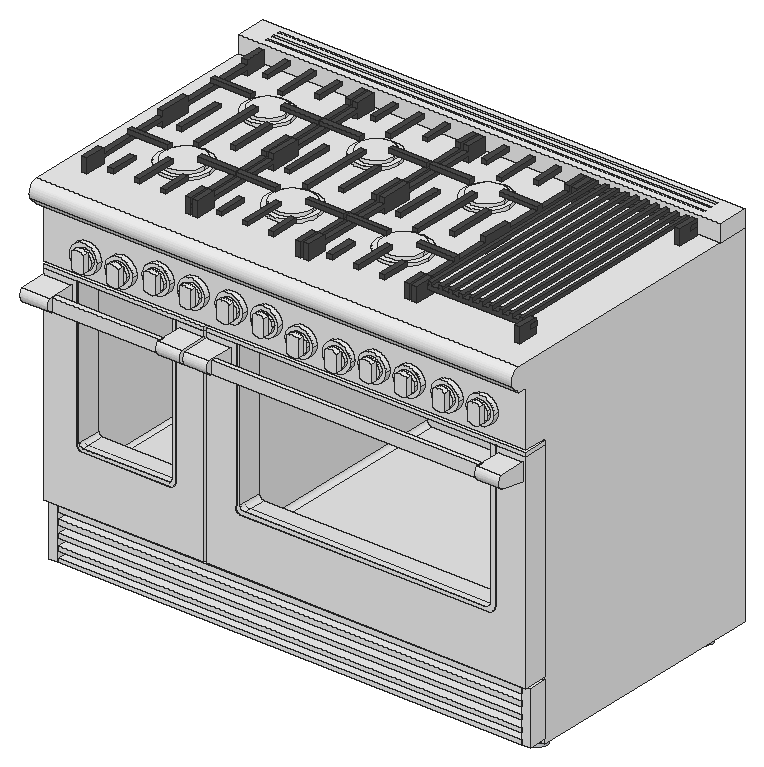
Revit family "DCS_SDA_Data_Sheet_RDV2-486GL_Range_ISSUE1 IMPERIAL", category Specialty Equipment, Revit 2015
Parameters
  URL = "www.yepsketch.com"
  Model = "DCS_SDA_Data_Sheet_RDV2-486GL_Range_ISSUE1"
  Manufacturer = "Fisher & Paykel"
  Description = "D20 20000"
  Author = "Yepsketch"
Reference planes (in)
  plane 1 "Center (Front/Back)": y = 0
  plane 2: z = 0
  plane 3 "Center (Left/Right)": x = 0
  plane 4: x = 47.875
  plane 5: y = 29.125
  plane 6: z = 35.75
  plane 7: z = 37.5
Forms (in)
  Extrusion 1, solid, material "ALUMINIUM"
    sketch origin (0, 0, 0) x (1, 0, 0) y (0, 1, 0)
      loop
        line (0, 29.125) -> (0, 1.98507) -> (47.875, 1.98507) -> (47.875, 29.125) -> (0, 29.125)
    from 0.73394 to 35.75
  Extrusion 2, solid, material "ALUMINIUM"
    sketch origin (0, 0, 0) x (1, 0, 0) y (0, 1, 0)
      loop
        line (0.05221, 29.125) -> (0.05221, 26.125) -> (47.875, 26.125) -> (47.875, 29.125) -> (0.05221, 29.125)
    from 35.75 to 37.5
  Extrusion 3, solid, material "BLACK"
    sketch origin (0, 0, 0) x (1, 0, 0) y (0, 1, 0)
      loop
        line (2.18737, 25.86083) -> (2.18737, 23.86083) -> (2.68737, 23.86083) -> (2.68737, 25.86083) -> (2.18737, 25.86083)
      loop
        line (2.18737, 16.42333) -> (2.18737, 13.42333) -> (2.68737, 13.42333) -> (2.68737, 16.42333) -> (2.18737, 16.42333)
      loop
        line (2.18737, 5.98583) -> (2.18737, 3.98583) -> (2.68737, 3.98583) -> (2.68737, 5.98583) -> (2.18737, 5.98583)
      loop
        line (12.43737, 25.86083) -> (12.43737, 23.86083) -> (12.93737, 23.86083) -> (12.93737, 25.86083) -> (12.43737, 25.86083)
      loop
        line (12.43737, 16.42333) -> (12.43737, 13.42333) -> (12.93737, 13.42333) -> (12.93737, 16.42333) -> (12.43737, 16.42333)
      loop
        line (12.43737, 5.98583) -> (12.43737, 3.98583) -> (12.93737, 3.98583) -> (12.93737, 5.98583) -> (12.43737, 5.98583)
      loop
        line (13.18737, 25.86083) -> (13.18737, 23.86083) -> (13.68737, 23.86083) -> (13.68737, 25.86083) -> (13.18737, 25.86083)
      loop
        line (13.18737, 16.42333) -> (13.18737, 13.42333) -> (13.68737, 13.42333) -> (13.68737, 16.42333) -> (13.18737, 16.42333)
      loop
        line (13.18737, 5.98583) -> (13.18737, 3.98583) -> (13.68737, 3.98583) -> (13.68737, 5.98583) -> (13.18737, 5.98583)
      loop
        line (23.43737, 25.86083) -> (23.43737, 23.86083) -> (23.93737, 23.86083) -> (23.93737, 25.86083) -> (23.43737, 25.86083)
      loop
        line (23.43737, 16.42333) -> (23.43737, 13.42333) -> (23.93737, 13.42333) -> (23.93737, 16.42333) -> (23.43737, 16.42333)
      loop
        line (23.43737, 5.98583) -> (23.43737, 3.98583) -> (23.93737, 3.98583) -> (23.93737, 5.98583) -> (23.43737, 5.98583)
      loop
        line (24.18737, 25.86083) -> (24.18737, 23.86083) -> (24.68737, 23.86083) -> (24.68737, 25.86083) -> (24.18737, 25.86083)
      loop
        line (24.18737, 16.42333) -> (24.18737, 13.42333) -> (24.68737, 13.42333) -> (24.68737, 16.42333) -> (24.18737, 16.42333)
      loop
        line (24.18737, 5.98583) -> (24.18737, 3.98583) -> (24.68737, 3.98583) -> (24.68737, 5.98583) -> (24.18737, 5.98583)
      loop
        line (34.18737, 25.86083) -> (34.18737, 23.86083) -> (34.68737, 23.86083) -> (34.68737, 25.86083) -> (34.18737, 25.86083)
      loop
        line (34.18737, 16.42333) -> (34.18737, 13.42333) -> (34.68737, 13.42333) -> (34.68737, 16.42333) -> (34.18737, 16.42333)
      loop
        line (34.18737, 5.98583) -> (34.18737, 3.98583) -> (34.68737, 3.98583) -> (34.68737, 5.98583) -> (34.18737, 5.98583)
      loop
        line (34.93737, 25.86083) -> (34.93737, 23.86083) -> (35.43737, 23.86083) -> (35.43737, 25.86083) -> (34.93737, 25.86083)
      loop
        line (34.93737, 5.98583) -> (34.93737, 3.98583) -> (35.43737, 3.98583) -> (35.43737, 5.98583) -> (34.93737, 5.98583)
      loop
        line (45.18737, 25.86083) -> (45.18737, 23.86083) -> (45.68737, 23.86083) -> (45.68737, 25.86083) -> (45.18737, 25.86083)
      loop
        line (45.18737, 5.98583) -> (45.18737, 3.98583) -> (45.68737, 3.98583) -> (45.68737, 5.98583) -> (45.18737, 5.98583)
    from 35.75 to 37.21889
  Extrusion 4, void
    sketch origin (0, 0, 0) x (0, 1, 0) y (0, 0, 1)
      loop
        line (1.98507, 27.93176) -> (1.98507, 0.73394) -> (4.3473, 0.73394) -> (4.3473, 27.93176) -> (1.98507, 27.93176)
    from 0 to 47.875
  Extrusion 5, solid, material "ALUMINIUM"
    sketch origin (0, 0, 0) x (0, 1, 0) y (0, 0, 1)
      loop
        line (1.98507, 35.75) -> (1.11007, 35.75)
        arc (1.11007, 35.75) -> (0.24041, 35.19597) -> (0.375, 34.17365) r 0.95956
        line (0.375, 34.17365) -> (1.08211, 33.46654) -> (1.98507, 33.46654) -> (1.98507, 35.75)
    from 0 to 47.875
  Revolve 6, solid
    sketch origin (1.5, 0, 0) x (0, 1, 0) y (0, 0, 1)
      loop
        line (5.33586, 0.73394) -> (5.33586, 0) -> (6.20694, 0) -> (6.20694, 0.32774) -> (5.6234, 0.32774) -> (5.6234, 0.73394) -> (5.33586, 0.73394)
      axis (5.33586, 0.73394) -> (5.33586, 0)
    angle from 0 to 360
  Revolve 7, solid
    sketch origin (1.5, 20.5, 0) x (0, 1, 0) y (0, 0, 1)
      loop
        line (5.33586, 0.73394) -> (5.33586, 0) -> (6.20694, 0) -> (6.20694, 0.32774) -> (5.6234, 0.32774) -> (5.6234, 0.73394) -> (5.33586, 0.73394)
      axis (5.33586, 0.73394) -> (5.33586, 0)
    angle from 0 to 360
  Revolve 8, solid
    sketch origin (46.375, 0, 0) x (0, 1, 0) y (0, 0, -1)
      loop
        line (5.33586, -0.73394) -> (5.6234, -0.73394) -> (5.6234, -0.32774) -> (6.20694, -0.32774) -> (6.20694, 0) -> (5.33586, 0) -> (5.33586, -0.73394)
      axis (5.33586, -0.73394) -> (5.33586, 0)
    angle from 0 to 360
  Revolve 9, solid
    sketch origin (46.375, 20.5, 0) x (0, 1, 0) y (0, 0, -1)
      loop
        line (5.33586, -0.73394) -> (5.6234, -0.73394) -> (5.6234, -0.32774) -> (6.20694, -0.32774) -> (6.20694, 0) -> (5.33586, 0) -> (5.33586, -0.73394)
      axis (5.33586, -0.73394) -> (5.33586, 0)
    angle from 0 to 360
  Extrusion 10, solid, material "ALUMINIUM"
    sketch origin (0, 0, 0) x (1, 0, 0) y (0, 0, 1)
      loop
        line (16.18343, 27.32365) -> (16.18343, 6.73316) -> (47.875, 6.73316) -> (47.875, 27.32365) -> (44.875, 27.32365) -> (44.875, 13.12408)
        arc (44.875, 13.12408) -> (44.61612, 12.49908) -> (43.99112, 12.2402) r 0.88388
        line (43.99112, 12.2402) -> (19.49112, 12.2402)
        arc (19.49112, 12.2402) -> (19.11612, 12.45671) -> (19.11612, 12.88972) r 0.43301
        line (19.11612, 12.88972) -> (19.11612, 27.32365) -> (16.18343, 27.32365)
    from -4.3473 to -1.98507
  Extrusion 11, solid, material "ALUMINIUM"
    sketch origin (0, 0, 0) x (1, 0, 0) y (0, 0, 1)
      loop
        arc (19.11612, 12.88972) -> (19.11612, 12.45671) -> (19.49112, 12.2402) r 0.43301
        line (19.49112, 12.2402) -> (43.99112, 12.2402)
        arc (43.99112, 12.2402) -> (44.61612, 12.49908) -> (44.875, 13.12408) r 0.88388
        line (44.875, 13.12408) -> (44.875, 27.32365) -> (44.375, 27.32365) -> (44.375, 13.12408)
        arc (44.375, 13.12408) -> (44.21967, 12.74908) -> (43.84467, 12.59375) r 0.53033
        line (43.84467, 12.59375) -> (19.91678, 12.59375)
        arc (19.91678, 12.59375) -> (19.59579, 12.72671) -> (19.46284, 13.04769) r 0.45394
        line (19.46284, 13.04769) -> (19.46284, 27.32365) -> (19.11612, 27.32365) -> (19.11612, 12.88972)
    from -4.3473 to -1.98507
  Extrusion 12, solid, material "ALUMINIUM"
    sketch origin (0, 0, 0) x (0, 1, 0) y (0, 0, 1)
      loop
        line (4.3473, 6.42499) -> (2.5973, 6.42499) -> (2.5973, 1.17499) -> (4.3473, 1.17499) -> (4.3473, 6.42499)
    from 0 to 0.875
  Extrusion 13, solid, material "ALUMINIUM"
    sketch origin (47.875, 0, 0) x (0, 1, 0) y (0, 0, -1)
      loop
        line (4.3473, -6.42499) -> (4.3473, -1.17499) -> (2.5973, -1.17499) -> (2.5973, -6.42499) -> (4.3473, -6.42499)
    from 0 to 0.875
  Extrusion 14, solid, material "ALUMINIUM"
    sketch origin (0, 0, 0) x (1, 0, 0) y (0, 0, 1)
      loop
        line (0.875, 6.16495) -> (0.875, 5.6588) -> (47, 5.6588) -> (47, 6.16495) -> (0.875, 6.16495)
      loop
        line (47, 5.06554) -> (0.875, 5.06554) -> (0.875, 4.48043) -> (47, 4.48043) -> (47, 5.06554)
      loop
        line (0.875, 3.79999) -> (0.875, 3.3274) -> (47, 3.3274) -> (47, 3.79999) -> (0.875, 3.79999)
      loop
        line (47, 2.67357) -> (0.875, 2.67357) -> (0.875, 2.16429) -> (47, 2.16429) -> (47, 2.67357)
      loop
        line (0.875, 1.57103) -> (0.875, 1.17499) -> (47, 1.17499) -> (47, 1.57103) -> (0.875, 1.57103)
    from -4.3473 to -2.5973
  Extrusion 15, void
    sketch origin (0, 0, 0) x (1, 0, 0) y (0, 0, 1)
      loop
        line (47, 27.37408) -> (16.96626, 27.37408) -> (16.96626, 8.22852)
        arc (16.96626, 8.22852) -> (17.09921, 7.90754) -> (17.42019, 7.77459) r 0.45394
        line (17.42019, 7.77459) -> (46.46967, 7.77459)
        arc (46.46967, 7.77459) -> (46.84467, 7.92992) -> (47, 8.30492) r 0.53033
        line (47, 8.30492) -> (47, 27.37408)
    from -28.29276 to -1.98507
  Extrusion 16, solid, material "ALUMINIUM"
    sketch origin (0, 0, 0) x (1, 0, 0) y (0, 0, 1)
      loop
        line (15.87872, 6.72274) -> (15.87872, 27.32365) -> (13.06066, 27.32365) -> (13.06066, 12.82365)
        arc (13.06066, 12.82365) -> (12.90533, 12.44865) -> (12.53033, 12.29332) r 0.53033
        line (12.53033, 12.29332) -> (3.78033, 12.29332)
        arc (3.78033, 12.29332) -> (3.40533, 12.44865) -> (3.25, 12.82365) r 0.53033
        line (3.25, 12.82365) -> (3.25, 27.32365) -> (0, 27.32365) -> (0, 6.72274) -> (15.87872, 6.72274)
    from -4.3473 to -1.98507
  Extrusion 17, solid, material "ALUMINIUM"
    sketch origin (0, 0, 0) x (1, 0, 0) y (0, 0, 1)
      loop
        line (3.25, 27.32365) -> (3.25, 12.82365)
        arc (3.25, 12.82365) -> (3.40533, 12.44865) -> (3.78033, 12.29332) r 0.53033
        line (3.78033, 12.29332) -> (12.53033, 12.29332)
        arc (12.53033, 12.29332) -> (12.90533, 12.44865) -> (13.06066, 12.82365) r 0.53033
        line (13.06066, 12.82365) -> (13.06066, 27.3228) -> (12.77003, 27.3228) -> (12.77003, 13.029)
        arc (12.77003, 13.029) -> (12.64804, 12.73451) -> (12.35355, 12.61253) r 0.41647
        line (12.35355, 12.61253) -> (3.85355, 12.61253)
        arc (3.85355, 12.61253) -> (3.60355, 12.71608) -> (3.5, 12.96608) r 0.35355
        line (3.5, 12.96608) -> (3.5, 27.32365) -> (3.25, 27.32365)
    from -4.3473 to -1.98507
  Extrusion 18, void
    sketch origin (0, 0, 0) x (1, 0, 0) y (0, 0, 1)
      loop
        arc (0.56066, 7.64687) -> (0.66421, 7.39687) -> (0.91421, 7.29332) r 0.35355
        line (0.91421, 7.29332) -> (14.89419, 7.29332)
        arc (14.89419, 7.29332) -> (15.18868, 7.4153) -> (15.31066, 7.70979) r 0.41647
        line (15.31066, 7.70979) -> (15.31066, 27.32365) -> (0.56066, 27.32365) -> (0.56066, 7.64687)
    from -28.29276 to -4.3473
  Extrusion 19, solid, material "Glass"
    sketch origin (0, 0, 0) x (1, 0, 0) y (0, 0, 1)
      loop
        line (12.77003, 27.32365) -> (3.5, 27.32365) -> (3.5, 12.96608)
        arc (3.5, 12.96608) -> (3.60355, 12.71608) -> (3.85355, 12.61253) r 0.35355
        line (3.85355, 12.61253) -> (12.35355, 12.61253)
        arc (12.35355, 12.61253) -> (12.64804, 12.73451) -> (12.77003, 13.029) r 0.41647
        line (12.77003, 13.029) -> (12.77003, 27.32365)
    from -2.5973 to -1.98507
  Extrusion 20, solid, material "ALUMINIUM"
    sketch origin (0, 0, 0) x (0, 1, 0) y (0, 0, 1)
      loop
        line (1.98507, 26.75776) -> (-0.77258, 26.75776)
        arc (-0.77258, 26.75776) -> (-0.99603, 26.02631) -> (-0.51493, 25.43176) r 0.815
        line (-0.51493, 25.43176) -> (1.98507, 25.0358) -> (1.98507, 26.75776)
    from 0 to 2.75
  Extrusion 21, solid, material "ALUMINIUM"
    sketch origin (0, 0, 0.1875) x (1, 0, 0) y (0, 0, 1)
      loop
        line (2.75, 26.57026) -> (2.75, 25.32026) -> (13.5, 25.32026) -> (13.5, 26.57026) -> (2.75, 26.57026)
    from 0.02795 to 0.5
  Extrusion 22, solid, material "ALUMINIUM"
    sketch origin (16.25, 0, 0) x (0, 1, 0) y (0, 0, -1)
      loop
        line (1.98507, -26.75776) -> (1.98507, -25.0358) -> (-0.51493, -25.43176)
        arc (-0.51493, -25.43176) -> (-0.99603, -26.02631) -> (-0.77258, -26.75776) r 0.815
        line (-0.77258, -26.75776) -> (1.98507, -26.75776)
    from 0.37128 to 2.75
  Extrusion 23, solid, material "Glass"
    sketch origin (0, 0, 0) x (1, 0, 0) y (0, 0, 1)
      loop
        line (44.375, 27.32365) -> (19.46284, 27.32365) -> (19.46284, 13.04769)
        arc (19.46284, 13.04769) -> (19.59579, 12.72671) -> (19.91678, 12.59375) r 0.45394
        line (19.91678, 12.59375) -> (43.84467, 12.59375)
        arc (43.84467, 12.59375) -> (44.21967, 12.74908) -> (44.375, 13.12408) r 0.53033
        line (44.375, 13.12408) -> (44.375, 27.32365)
    from -2.5973 to -1.98507
  Extrusion 24, solid, material "ALUMINIUM"
    sketch origin (0, 0, 0) x (1, 0, 0) y (0, 0, 1)
      loop
        line (0, 27.68463) -> (0, 27.32365) -> (15.87872, 27.32365) -> (15.87872, 27.68463) -> (0, 27.68463)
    from -4.3473 to -1.98507
  Extrusion 25, solid, material "ALUMINIUM"
    sketch origin (16.18343, 0, 0) x (1, 0, 0) y (0, 0, 1)
      loop
        line (0, 27.68463) -> (0, 27.32365) -> (31.69157, 27.32365) -> (31.69157, 27.68463) -> (0, 27.68463)
    from -4.3473 to -1.98507
  Extrusion 26, solid, material "ALUMINIUM"
    sketch origin (18.93343, 0, 0) x (0, 1, 0) y (0, 0, -1)
      loop
        line (1.98507, -26.75776) -> (1.98507, -25.0358) -> (-0.51493, -25.43176)
        arc (-0.51493, -25.43176) -> (-0.99603, -26.02631) -> (-0.77258, -26.75776) r 0.815
        line (-0.77258, -26.75776) -> (1.98507, -26.75776)
    from 0.37128 to 2.75
  Extrusion 27, solid, material "ALUMINIUM"
    sketch origin (47.93343, 0, 0) x (0, 1, 0) y (0, 0, -1)
      loop
        line (1.98507, -26.75776) -> (1.98507, -25.0358) -> (-0.51493, -25.43176)
        arc (-0.51493, -25.43176) -> (-0.99603, -26.02631) -> (-0.77258, -26.75776) r 0.815
        line (-0.77258, -26.75776) -> (1.98507, -26.75776)
    from 0.37128 to 2.75
  Extrusion 28, solid, material "ALUMINIUM"
    sketch origin (15.81214, 0, 0.1875) x (1, 0, 0) y (0, 0, 1)
      loop
        line (2.75, 26.57026) -> (2.75, 25.32026) -> (29.37128, 25.32026) -> (29.37128, 26.57026) -> (2.75, 26.57026)
    from 0.02795 to 0.5
  Extrusion 29, solid, material "BLACK"
    sketch origin (0, 0, 0.10938) x (1, 0, 0) y (0, 1, 0)
      loop
        line (7.39686, 25.86083) -> (7.39686, 21.74715) -> (7.89686, 21.74715) -> (7.89686, 25.86083) -> (7.39686, 25.86083)
      loop
        line (9.95936, 25.86083) -> (9.95936, 23.125) -> (10.45936, 23.125) -> (10.45936, 25.86083) -> (9.95936, 25.86083)
      loop
        line (4.77301, 25.86083) -> (4.77301, 23.125) -> (5.32988, 23.125) -> (5.32988, 25.86083) -> (4.77301, 25.86083)
      loop
        line (2.20854, 20.42708) -> (2.20854, 19.92708) -> (6.20854, 19.92708) -> (6.20854, 20.42708) -> (2.20854, 20.42708)
      loop
        line (9.17726, 20.42708) -> (9.17726, 19.92708) -> (12.94801, 19.92708) -> (12.94801, 20.42708) -> (9.17726, 20.42708)
      loop
        line (4.7979, 17.24764) -> (4.7979, 12.49764) -> (5.2979, 12.49764) -> (5.2979, 17.24764) -> (4.7979, 17.24764)
      loop
        line (7.40529, 18.62513) -> (7.40529, 11.37513) -> (7.90529, 11.37513) -> (7.90529, 18.62513) -> (7.40529, 18.62513)
      loop
        line (9.94893, 17.24764) -> (9.94893, 12.74764) -> (10.44893, 12.74764) -> (10.44893, 17.24764) -> (9.94893, 17.24764)
      loop
        line (2.20854, 9.5682) -> (6.20854, 9.5682) -> (6.20854, 10.0682) -> (2.20854, 10.0682) -> (2.20854, 9.5682)
      loop
        line (9.17726, 9.5682) -> (12.94801, 9.5682) -> (12.94801, 10.0682) -> (9.17726, 10.0682) -> (9.17726, 9.5682)
      loop
        line (7.39686, 3.98583) -> (7.89686, 3.98583) -> (7.89686, 8.09951) -> (7.39686, 8.09951) -> (7.39686, 3.98583)
      loop
        line (9.95936, 3.98583) -> (10.45936, 3.98583) -> (10.45936, 6.72166) -> (9.95936, 6.72166) -> (9.95936, 3.98583)
      loop
        line (4.77301, 3.98583) -> (5.32988, 3.98583) -> (5.32988, 6.72166) -> (4.77301, 6.72166) -> (4.77301, 3.98583)
    from 36.59006 to 37
  Extrusion 30, solid, material "BLACK"
    sketch origin (0, 0, 0) x (1, 0, 0) y (0, 0, 1)
      loop
        line (2.68737, 36.69944) -> (2.18737, 36.69944) -> (2.18737, 36.32955) -> (2.68737, 36.32955) -> (2.68737, 36.69944)
      loop
        line (12.94801, 36.69944) -> (12.44801, 36.69944) -> (12.44801, 36.32955) -> (12.94801, 36.32955) -> (12.94801, 36.69944)
      loop
        line (13.68737, 36.69944) -> (13.18737, 36.69944) -> (13.18737, 36.32955) -> (13.68737, 36.32955) -> (13.68737, 36.69944)
      loop
        line (23.93737, 36.69944) -> (23.43737, 36.69944) -> (23.43737, 36.32955) -> (23.93737, 36.32955) -> (23.93737, 36.69944)
      loop
        line (24.68737, 36.69944) -> (24.18737, 36.69944) -> (24.18737, 36.32955) -> (24.68737, 36.32955) -> (24.68737, 36.69944)
      loop
        line (34.68737, 36.69944) -> (34.18737, 36.69944) -> (34.18737, 36.32955) -> (34.68737, 36.32955) -> (34.68737, 36.69944)
    from -25.86083 to -3.98583
  Extrusion 31, solid, material "BLACK"
    sketch origin (10.75, 0, 0.10938) x (1, 0, 0) y (0, 1, 0)
      loop
        line (7.39686, 25.86083) -> (7.39686, 21.74715) -> (7.89686, 21.74715) -> (7.89686, 25.86083) -> (7.39686, 25.86083)
      loop
        line (9.95936, 25.86083) -> (9.95936, 23.125) -> (10.45936, 23.125) -> (10.45936, 25.86083) -> (9.95936, 25.86083)
      loop
        line (4.77301, 25.86083) -> (4.77301, 23.125) -> (5.32988, 23.125) -> (5.32988, 25.86083) -> (4.77301, 25.86083)
      loop
        line (2.20854, 20.42708) -> (2.20854, 19.92708) -> (6.20854, 19.92708) -> (6.20854, 20.42708) -> (2.20854, 20.42708)
      loop
        line (9.17726, 20.42708) -> (9.17726, 19.92708) -> (12.94801, 19.92708) -> (12.94801, 20.42708) -> (9.17726, 20.42708)
      loop
        line (4.7979, 17.24764) -> (4.7979, 12.49764) -> (5.2979, 12.49764) -> (5.2979, 17.24764) -> (4.7979, 17.24764)
      loop
        line (7.40529, 18.62513) -> (7.40529, 11.37513) -> (7.90529, 11.37513) -> (7.90529, 18.62513) -> (7.40529, 18.62513)
      loop
        line (9.94893, 17.24764) -> (9.94893, 12.74764) -> (10.44893, 12.74764) -> (10.44893, 17.24764) -> (9.94893, 17.24764)
      loop
        line (2.20854, 9.5682) -> (6.20854, 9.5682) -> (6.20854, 10.0682) -> (2.20854, 10.0682) -> (2.20854, 9.5682)
      loop
        line (9.17726, 9.5682) -> (12.94801, 9.5682) -> (12.94801, 10.0682) -> (9.17726, 10.0682) -> (9.17726, 9.5682)
      loop
        line (7.39686, 3.98583) -> (7.89686, 3.98583) -> (7.89686, 8.09951) -> (7.39686, 8.09951) -> (7.39686, 3.98583)
      loop
        line (9.95936, 3.98583) -> (10.45936, 3.98583) -> (10.45936, 6.72166) -> (9.95936, 6.72166) -> (9.95936, 3.98583)
      loop
        line (4.77301, 3.98583) -> (5.32988, 3.98583) -> (5.32988, 6.72166) -> (4.77301, 6.72166) -> (4.77301, 3.98583)
    from 36.59006 to 37
  Extrusion 32, solid, material "BLACK"
    sketch origin (21.75, 0, 0.10938) x (1, 0, 0) y (0, 1, 0)
      loop
        line (7.39686, 25.86083) -> (7.39686, 21.74715) -> (7.89686, 21.74715) -> (7.89686, 25.86083) -> (7.39686, 25.86083)
      loop
        line (9.95936, 25.86083) -> (9.95936, 23.125) -> (10.45936, 23.125) -> (10.45936, 25.86083) -> (9.95936, 25.86083)
      loop
        line (4.77301, 25.86083) -> (4.77301, 23.125) -> (5.32988, 23.125) -> (5.32988, 25.86083) -> (4.77301, 25.86083)
      loop
        line (2.20854, 20.42708) -> (2.20854, 19.92708) -> (6.20854, 19.92708) -> (6.20854, 20.42708) -> (2.20854, 20.42708)
      loop
        line (9.17726, 20.42708) -> (9.17726, 19.92708) -> (12.93737, 19.92708) -> (12.93737, 20.42708) -> (9.17726, 20.42708)
      loop
        line (4.7979, 17.24764) -> (4.7979, 12.49764) -> (5.2979, 12.49764) -> (5.2979, 17.24764) -> (4.7979, 17.24764)
      loop
        line (7.40529, 18.62513) -> (7.40529, 11.37513) -> (7.90529, 11.37513) -> (7.90529, 18.62513) -> (7.40529, 18.62513)
      loop
        line (9.94893, 17.24764) -> (9.94893, 12.74764) -> (10.44893, 12.74764) -> (10.44893, 17.24764) -> (9.94893, 17.24764)
      loop
        line (2.20854, 9.5682) -> (6.20854, 9.5682) -> (6.20854, 10.0682) -> (2.20854, 10.0682) -> (2.20854, 9.5682)
      loop
        line (9.17726, 9.5682) -> (12.93737, 9.5682) -> (12.93737, 10.0682) -> (9.17726, 10.0682) -> (9.17726, 9.5682)
      loop
        line (7.39686, 3.98583) -> (7.89686, 3.98583) -> (7.89686, 8.09951) -> (7.39686, 8.09951) -> (7.39686, 3.98583)
      loop
        line (9.95936, 3.98583) -> (10.45936, 3.98583) -> (10.45936, 6.72166) -> (9.95936, 6.72166) -> (9.95936, 3.98583)
      loop
        line (4.77301, 3.98583) -> (5.32988, 3.98583) -> (5.32988, 6.72166) -> (4.77301, 6.72166) -> (4.77301, 3.98583)
    from 36.59006 to 37
  Extrusion 33, solid, material "ALUMINIUM"
    sketch origin (0, 0, 0) x (1, 0, 0) y (0, 1, 0)
      loop
        circle (7.67726, 9.8182) r 2.5
    from 35.75 to 36.03608
  Extrusion 34, solid, material "ALUMINIUM"
    sketch origin (0, 0, 0) x (1, 0, 0) y (0, 1, 0)
      loop
        circle (7.6929, 9.8182) r 2
    from 36.03608 to 36.32955
  Extrusion 35, solid, material "ALUMINIUM"
    sketch origin (0, 10.35888, 0) x (1, 0, 0) y (0, 1, 0)
      loop
        circle (7.67726, 9.8182) r 2.25
    from 35.75 to 36.03608
  Extrusion 36, solid, material "ALUMINIUM"
    sketch origin (0, 10.35888, 0) x (1, 0, 0) y (0, 1, 0)
      loop
        circle (7.6929, 9.8182) r 1.75
    from 36.03608 to 36.32955
  Extrusion 37, solid, material "ALUMINIUM"
    sketch origin (10.75, 0, 0) x (1, 0, 0) y (0, 1, 0)
      loop
        circle (7.67726, 9.8182) r 2.5
    from 35.75 to 36.03608
  Extrusion 38, solid, material "ALUMINIUM"
    sketch origin (10.75, 0, 0) x (1, 0, 0) y (0, 1, 0)
      loop
        circle (7.6929, 9.8182) r 2
    from 36.03608 to 36.32955
  Extrusion 39, solid, material "ALUMINIUM"
    sketch origin (10.75, 10.35888, 0) x (1, 0, 0) y (0, 1, 0)
      loop
        circle (7.67726, 9.8182) r 2.25
    from 35.75 to 36.03608
  Extrusion 40, solid, material "ALUMINIUM"
    sketch origin (10.75, 10.35888, 0) x (1, 0, 0) y (0, 1, 0)
      loop
        circle (7.6929, 9.8182) r 1.75
    from 36.03608 to 36.32955
  Extrusion 41, solid, material "ALUMINIUM"
    sketch origin (21.75, 0, 0) x (1, 0, 0) y (0, 1, 0)
      loop
        circle (7.67726, 9.8182) r 2.5
    from 35.75 to 36.03608
  Extrusion 42, solid, material "ALUMINIUM"
    sketch origin (21.75, 0, 0) x (1, 0, 0) y (0, 1, 0)
      loop
        circle (7.6929, 9.8182) r 2
    from 36.03608 to 36.32955
  Extrusion 43, solid, material "ALUMINIUM"
    sketch origin (21.75, 10.35888, 0) x (1, 0, 0) y (0, 1, 0)
      loop
        circle (7.67726, 9.8182) r 2.25
    from 35.75 to 36.03608
  Extrusion 44, solid, material "ALUMINIUM"
    sketch origin (21.75, 10.35888, 0) x (1, 0, 0) y (0, 1, 0)
      loop
        circle (7.6929, 9.8182) r 1.75
    from 36.03608 to 36.32955
  Extrusion 45, void
    sketch origin (0, 0.5, 0) x (1, 0, 0) y (0, 1, 0)
      loop
        line (2.20891, 27.97448) -> (2.20891, 27.72448) -> (45.70891, 27.72448) -> (45.70891, 27.97448) -> (2.20891, 27.97448)
      loop
        line (2.20891, 27.22448) -> (2.20891, 26.97448) -> (45.70891, 26.97448) -> (45.70891, 27.22448) -> (2.20891, 27.22448)
      loop
        line (2.20891, 26.47448) -> (2.20891, 26.22448) -> (45.70891, 26.22448) -> (45.70891, 26.47448) -> (2.20891, 26.47448)
    from 35.75 to 41.37517
  Extrusion 46, solid, material "ALUMINIUM"
    sketch origin (0, 0, 0) x (1, 0, 0) y (0, 0, 1)
      loop
        circle (4.32255, 29.87924) r 1.375
    from -1.98507 to -1.5
  Extrusion 47, solid, material "ALUMINIUM"
    sketch origin (0, 0, 0) x (1, 0, 0) y (0, 0, 1)
      loop
        circle (4.32255, 29.87924) r 1
    from -1.5 to -1.25
  Extrusion 48, solid, material "ALUMINIUM"
    sketch origin (0, 0, 0) x (1, 0, 0) y (0, 0, 1)
      loop
        line (3.72996, 30.68475) -> (3.72996, 29.07373)
        arc (3.72996, 29.07373) -> (4.32255, 28.87924) -> (4.91513, 29.07373) r 1
        line (4.91513, 29.07373) -> (4.91513, 30.68475)
        arc (4.91513, 30.68475) -> (4.32255, 30.87924) -> (3.72996, 30.68475) r 1
    from -1.25 to -0.75
  Extrusion 49, solid, material "ALUMINIUM"
    sketch origin (3.5, 0, 0) x (1, 0, 0) y (0, 0, 1)
      loop
        circle (4.32255, 29.87924) r 1.375
    from -1.98507 to -1.5
  Extrusion 50, solid, material "ALUMINIUM"
    sketch origin (3.5, 0, 0) x (1, 0, 0) y (0, 0, 1)
      loop
        circle (4.32255, 29.87924) r 1
    from -1.5 to -1.25
  Extrusion 51, solid, material "ALUMINIUM"
    sketch origin (3.5, 0, 0) x (1, 0, 0) y (0, 0, 1)
      loop
        line (3.72996, 30.68475) -> (3.72996, 29.07373)
        arc (3.72996, 29.07373) -> (4.32255, 28.87924) -> (4.91513, 29.07373) r 1
        line (4.91513, 29.07373) -> (4.91513, 30.68475)
        arc (4.91513, 30.68475) -> (4.32255, 30.87924) -> (3.72996, 30.68475) r 1
    from -1.25 to -0.75
  Extrusion 52, solid, material "ALUMINIUM"
    sketch origin (7.19303, 0, 0.65118) x (1, 0, 0) y (0, 0, 1)
      loop
        circle (4.32255, 29.87924) r 1.375
    from -1.98507 to -1.5
  Extrusion 53, solid, material "ALUMINIUM"
    sketch origin (7.19303, 0, 0.65118) x (1, 0, 0) y (0, 0, 1)
      loop
        circle (4.32255, 29.87924) r 1
    from -1.5 to -1.25
  Extrusion 54, solid, material "ALUMINIUM"
    sketch origin (7.19303, 0, 0.65118) x (1, 0, 0) y (0, 0, 1)
      loop
        line (3.72996, 30.68475) -> (3.72996, 29.07373)
        arc (3.72996, 29.07373) -> (4.32255, 28.87924) -> (4.91513, 29.07373) r 1
        line (4.91513, 29.07373) -> (4.91513, 30.68475)
        arc (4.91513, 30.68475) -> (4.32255, 30.87924) -> (3.72996, 30.68475) r 1
    from -1.25 to -0.75
  Extrusion 55, solid, material "ALUMINIUM"
    sketch origin (10.69303, 0, 0.65118) x (1, 0, 0) y (0, 0, 1)
      loop
        circle (4.32255, 29.87924) r 1.375
    from -1.98507 to -1.5
  Extrusion 56, solid, material "ALUMINIUM"
    sketch origin (10.69303, 0, 0.65118) x (1, 0, 0) y (0, 0, 1)
      loop
        circle (4.32255, 29.87924) r 1
    from -1.5 to -1.25
  Extrusion 57, solid, material "ALUMINIUM"
    sketch origin (10.69303, 0, 0.65118) x (1, 0, 0) y (0, 0, 1)
      loop
        line (3.72996, 30.68475) -> (3.72996, 29.07373)
        arc (3.72996, 29.07373) -> (4.32255, 28.87924) -> (4.91513, 29.07373) r 1
        line (4.91513, 29.07373) -> (4.91513, 30.68475)
        arc (4.91513, 30.68475) -> (4.32255, 30.87924) -> (3.72996, 30.68475) r 1
    from -1.25 to -0.75
  Extrusion 58, solid, material "ALUMINIUM"
    sketch origin (14.44303, 0, 0.65118) x (1, 0, 0) y (0, 0, 1)
      loop
        circle (4.32255, 29.87924) r 1.375
    from -1.98507 to -1.5
  Extrusion 59, solid, material "ALUMINIUM"
    sketch origin (14.44303, 0, 0.65118) x (1, 0, 0) y (0, 0, 1)
      loop
        circle (4.32255, 29.87924) r 1
    from -1.5 to -1.25
  Extrusion 60, solid, material "ALUMINIUM"
    sketch origin (14.44303, 0, 0.65118) x (1, 0, 0) y (0, 0, 1)
      loop
        line (3.72996, 30.68475) -> (3.72996, 29.07373)
        arc (3.72996, 29.07373) -> (4.32255, 28.87924) -> (4.91513, 29.07373) r 1
        line (4.91513, 29.07373) -> (4.91513, 30.68475)
        arc (4.91513, 30.68475) -> (4.32255, 30.87924) -> (3.72996, 30.68475) r 1
    from -1.25 to -0.75
  Extrusion 61, solid, material "ALUMINIUM"
    sketch origin (17.94303, 0, 0.65118) x (1, 0, 0) y (0, 0, 1)
      loop
        circle (4.32255, 29.87924) r 1.375
    from -1.98507 to -1.5
  Extrusion 62, solid, material "ALUMINIUM"
    sketch origin (17.94303, 0, 0.65118) x (1, 0, 0) y (0, 0, 1)
      loop
        circle (4.32255, 29.87924) r 1
    from -1.5 to -1.25
  Extrusion 63, solid, material "ALUMINIUM"
    sketch origin (17.94303, 0, 0.65118) x (1, 0, 0) y (0, 0, 1)
      loop
        line (3.72996, 30.68475) -> (3.72996, 29.07373)
        arc (3.72996, 29.07373) -> (4.32255, 28.87924) -> (4.91513, 29.07373) r 1
        line (4.91513, 29.07373) -> (4.91513, 30.68475)
        arc (4.91513, 30.68475) -> (4.32255, 30.87924) -> (3.72996, 30.68475) r 1
    from -1.25 to -0.75
  Extrusion 64, solid, material "ALUMINIUM"
    sketch origin (21.38986, 0, 0.04341) x (1, 0, 0) y (0, 0, 1)
      loop
        circle (4.32255, 29.87924) r 1.375
    from -1.98507 to -1.5
  Extrusion 65, solid, material "ALUMINIUM"
    sketch origin (21.38986, 0, 0.04341) x (1, 0, 0) y (0, 0, 1)
      loop
        circle (4.32255, 29.87924) r 1
    from -1.5 to -1.25
  Extrusion 66, solid, material "ALUMINIUM"
    sketch origin (21.38986, 0, 0.04341) x (1, 0, 0) y (0, 0, 1)
      loop
        line (3.72996, 30.68475) -> (3.72996, 29.07373)
        arc (3.72996, 29.07373) -> (4.32255, 28.87924) -> (4.91513, 29.07373) r 1
        line (4.91513, 29.07373) -> (4.91513, 30.68475)
        arc (4.91513, 30.68475) -> (4.32255, 30.87924) -> (3.72996, 30.68475) r 1
    from -1.25 to -0.75
  Extrusion 67, solid, material "ALUMINIUM"
    sketch origin (25.13986, 0, 0.04341) x (1, 0, 0) y (0, 0, 1)
      loop
        circle (4.32255, 29.87924) r 1.375
    from -1.98507 to -1.5
  Extrusion 68, solid, material "ALUMINIUM"
    sketch origin (25.13986, 0, 0.04341) x (1, 0, 0) y (0, 0, 1)
      loop
        circle (4.32255, 29.87924) r 1
    from -1.5 to -1.25
  Extrusion 69, solid, material "ALUMINIUM"
    sketch origin (25.13986, 0, 0.04341) x (1, 0, 0) y (0, 0, 1)
      loop
        line (3.72996, 30.68475) -> (3.72996, 29.07373)
        arc (3.72996, 29.07373) -> (4.32255, 28.87924) -> (4.91513, 29.07373) r 1
        line (4.91513, 29.07373) -> (4.91513, 30.68475)
        arc (4.91513, 30.68475) -> (4.32255, 30.87924) -> (3.72996, 30.68475) r 1
    from -1.25 to -0.75
  Extrusion 70, solid, material "ALUMINIUM"
    sketch origin (28.62654, 0, 0.34846) x (1, 0, 0) y (0, 0, 1)
      loop
        circle (4.32255, 29.87924) r 1.375
    from -1.98507 to -1.5
  Extrusion 71, solid, material "ALUMINIUM"
    sketch origin (28.62654, 0, 0.34846) x (1, 0, 0) y (0, 0, 1)
      loop
        circle (4.32255, 29.87924) r 1
    from -1.5 to -1.25
  Extrusion 72, solid, material "ALUMINIUM"
    sketch origin (28.62654, 0, 0.34846) x (1, 0, 0) y (0, 0, 1)
      loop
        line (3.72996, 30.68475) -> (3.72996, 29.07373)
        arc (3.72996, 29.07373) -> (4.32255, 28.87924) -> (4.91513, 29.07373) r 1
        line (4.91513, 29.07373) -> (4.91513, 30.68475)
        arc (4.91513, 30.68475) -> (4.32255, 30.87924) -> (3.72996, 30.68475) r 1
    from -1.25 to -0.75
  Extrusion 73, solid, material "ALUMINIUM"
    sketch origin (32.12654, 0, 0.34846) x (1, 0, 0) y (0, 0, 1)
      loop
        circle (4.32255, 29.87924) r 1.375
    from -1.98507 to -1.5
  Extrusion 74, solid, material "ALUMINIUM"
    sketch origin (32.12654, 0, 0.34846) x (1, 0, 0) y (0, 0, 1)
      loop
        circle (4.32255, 29.87924) r 1
    from -1.5 to -1.25
  Extrusion 75, solid, material "ALUMINIUM"
    sketch origin (32.12654, 0, 0.34846) x (1, 0, 0) y (0, 0, 1)
      loop
        line (3.72996, 30.68475) -> (3.72996, 29.07373)
        arc (3.72996, 29.07373) -> (4.32255, 28.87924) -> (4.91513, 29.07373) r 1
        line (4.91513, 29.07373) -> (4.91513, 30.68475)
        arc (4.91513, 30.68475) -> (4.32255, 30.87924) -> (3.72996, 30.68475) r 1
    from -1.25 to -0.75
  Extrusion 76, solid, material "ALUMINIUM"
    sketch origin (35.87654, 0, 0.34846) x (1, 0, 0) y (0, 0, 1)
      loop
        circle (4.32255, 29.87924) r 1.375
    from -1.98507 to -1.5
  Extrusion 77, solid, material "ALUMINIUM"
    sketch origin (35.87654, 0, 0.34846) x (1, 0, 0) y (0, 0, 1)
      loop
        circle (4.32255, 29.87924) r 1
    from -1.5 to -1.25
  Extrusion 78, solid, material "ALUMINIUM"
    sketch origin (35.87654, 0, 0.34846) x (1, 0, 0) y (0, 0, 1)
      loop
        line (3.72996, 30.68475) -> (3.72996, 29.07373)
        arc (3.72996, 29.07373) -> (4.32255, 28.87924) -> (4.91513, 29.07373) r 1
        line (4.91513, 29.07373) -> (4.91513, 30.68475)
        arc (4.91513, 30.68475) -> (4.32255, 30.87924) -> (3.72996, 30.68475) r 1
    from -1.25 to -0.75
  Extrusion 79, solid, material "ALUMINIUM"
    sketch origin (39.37654, 0, 0.34846) x (1, 0, 0) y (0, 0, 1)
      loop
        circle (4.32255, 29.87924) r 1.375
    from -1.98507 to -1.5
  Extrusion 80, solid, material "ALUMINIUM"
    sketch origin (39.37654, 0, 0.34846) x (1, 0, 0) y (0, 0, 1)
      loop
        circle (4.32255, 29.87924) r 1
    from -1.5 to -1.25
  Extrusion 81, solid, material "ALUMINIUM"
    sketch origin (39.37654, 0, 0.34846) x (1, 0, 0) y (0, 0, 1)
      loop
        line (3.72996, 30.68475) -> (3.72996, 29.07373)
        arc (3.72996, 29.07373) -> (4.32255, 28.87924) -> (4.91513, 29.07373) r 1
        line (4.91513, 29.07373) -> (4.91513, 30.68475)
        arc (4.91513, 30.68475) -> (4.32255, 30.87924) -> (3.72996, 30.68475) r 1
    from -1.25 to -0.75
  Extrusion 82, solid, material "BLACK"
    sketch origin (0, 0, -0.1875) x (1, 0, 0) y (0, 0, 1)
      loop
        line (34.93737, 37.10938) -> (34.93737, 36.69566) -> (45.70891, 36.69566) -> (45.70891, 37.10938) -> (34.93737, 37.10938)
    from -5.98583 to -5.25
  Extrusion 83, solid, material "BLACK"
    sketch origin (0, 19.875, -0.1875) x (1, 0, 0) y (0, 0, 1)
      loop
        line (34.93737, 37.10938) -> (34.93737, 36.69566) -> (45.70891, 36.69566) -> (45.70891, 37.10938) -> (34.93737, 37.10938)
    from -5.98583 to -5.25
  Extrusion 84, solid, material "BLACK"
    sketch origin (0, 0, 0) x (1, 0, 0) y (0, 1, 0)
      loop
        line (35.62664, 25.86083) -> (35.62664, 5.25) -> (35.94214, 5.25) -> (35.94214, 25.86083) -> (35.62664, 25.86083)
      loop
        line (36.62664, 25.86083) -> (36.62664, 5.25) -> (36.94214, 5.25) -> (36.94214, 25.86083) -> (36.62664, 25.86083)
      loop
        line (37.62664, 25.86083) -> (37.62664, 5.25) -> (37.94214, 5.25) -> (37.94214, 25.86083) -> (37.62664, 25.86083)
      loop
        line (38.62664, 25.86083) -> (38.62664, 5.25) -> (38.94214, 5.25) -> (38.94214, 25.86083) -> (38.62664, 25.86083)
      loop
        line (39.62664, 25.86083) -> (39.62664, 5.25) -> (39.94214, 5.25) -> (39.94214, 25.86083) -> (39.62664, 25.86083)
      loop
        line (40.62664, 25.86083) -> (40.62664, 5.25) -> (40.94214, 5.25) -> (40.94214, 25.86083) -> (40.62664, 25.86083)
      loop
        line (41.62664, 25.86083) -> (41.62664, 5.25) -> (41.94214, 5.25) -> (41.94214, 25.86083) -> (41.62664, 25.86083)
      loop
        line (42.62664, 25.86083) -> (42.62664, 5.25) -> (42.94214, 5.25) -> (42.94214, 25.86083) -> (42.62664, 25.86083)
      loop
        line (43.62664, 25.86083) -> (43.62664, 5.25) -> (43.94214, 5.25) -> (43.94214, 25.86083) -> (43.62664, 25.86083)
      loop
        line (44.62664, 25.86083) -> (44.62664, 5.25) -> (44.94214, 5.25) -> (44.94214, 25.86083) -> (44.62664, 25.86083)
    from 36.92187 to 37.21889
Cuts and joins
  Extrusion 4, Extrusion 15, Extrusion 18, Extrusion 45 cuts Extrusion 1
  Extrusion 45 cuts Extrusion 5
  joined: Extrusion 1, Extrusion 5
  Extrusion 45 cuts Revolve 7
  Extrusion 45 cuts Revolve 9
  Extrusion 45 cuts Extrusion 2
  joined: Extrusion 3, Extrusion 29, Extrusion 30, Extrusion 31, Extrusion 32, Extrusion 82, Extrusion 83, Extrusion 84
  joined: Extrusion 33, Extrusion 34, Extrusion 35, Extrusion 36, Extrusion 37, Extrusion 38, Extrusion 39, Extrusion 40, Extrusion 41, Extrusion 42, Extrusion 43, Extrusion 44
  joined: Extrusion 46, Extrusion 47, Extrusion 48
Dimensions and locks (in)
  aligned and locked: level to plane 2
